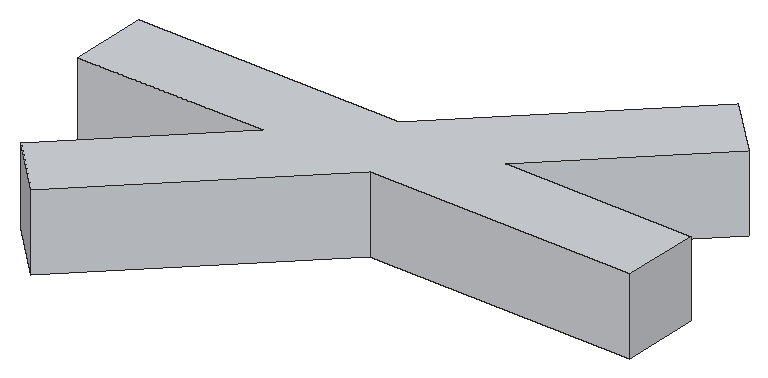
Revit family "DuctFitting_Rectangle_Cross", category Duct Fittings, Revit 2023
Family settings
  Round Connector Dimension = Use Diameter
  Part Type = Cross
  Work Plane-Based = No
  Always vertical = Yes
  Cut with Voids When Loaded = No
  Shared = No
Parameters
  Width [instance] = 350 mm
  Branch pipe length 2 [instance] = 1300 mm
  Branch pipe length 1 [instance] = 1300 mm
  Intersection to the leftside [instance] = 1273.26 mm
  Intersection to the rightside [instance] = 1273.26 mm
  Height [instance] = 350 mm
  Default Elevation = 0 mm
  Angle 2 [instance] = Angle  # 45.00°
  Angle [instance] = 45.00°
Reference planes
  plane 1 "Center (Front/Back)": y = 0
  plane 2: z = 0
  plane 3 "Center (Left/Right)": x = 0
Forms (mm)
  Sweep 1, solid
    path origin (0, 0, 0) x (1, 0, 0) y (0, 1, 0)
      loop
        line (1273.26, 0) -> (0, 0) -> (-1273.26, 0)
    profile origin (-636.63, 0, 0) x (0, -1, 0) y (0, 0, 1)
      loop
        line (175, -175) -> (175, 175) -> (-175, 175) -> (-175, -175) -> (175, -175)
  Sweep 2, solid
    path origin (0, 0, 0) x (1, 0, 0) y (0, 1, 0)
      loop
        line (-919.239, -919.239) -> (0, 0) -> (919.239, 919.239)
    profile origin (459.619, 459.619, 0) x (-0.707107, 0.707107, 0) y (0, 0, 1)
      loop
        line (175, -175) -> (175, 175) -> (-175, 175) -> (-175, -175) -> (175, -175)
Cuts and joins
  joined: Sweep 1, Sweep 2
Dimensions and locks
  equal spacing: Sweep 1 sketch curve, profile plane, Sweep 1 sketch curve  (x2)
  "Height": Sweep 1 sketch curve to Sweep 1 sketch curve
  "Width": Sweep 1 sketch curve to Sweep 1 sketch curve
  equal spacing: Sweep 2 sketch curve, profile plane, Sweep 2 sketch curve  (x2)
  "Height": Sweep 2 sketch curve to Sweep 2 sketch curve
  "Width": Sweep 2 sketch curve to Sweep 2 sketch curve
  "Intersection to the leftside": Sweep 1 sketch curve to Sweep 1 sketch curve
  "Intersection to the rightside": Sweep 1 sketch curve to Sweep 1 sketch curve
  "Branch pipe length 1": Sweep 2 sketch curve to Sweep 2 sketch curve
  "Branch pipe length 2": Sweep 2 sketch curve to Sweep 2 sketch curve
  "Angle 2": angle plane 1 "Center (Front/Back)" to Sweep 2 sketch curve
  "Angle": angle plane 1 "Center (Front/Back)" to Sweep 2 sketch curve
  aligned and locked: level to plane 2
Automatic sketch dimensions
  plane 1 "Center (Front/Back)" to Sweep 1 sketch curve = 0 mm
  Sweep 1 sketch curve to plane 3 "Center (Left/Right)" = 0 mm
  plane 1 "Center (Front/Back)" to Sweep 2 sketch curve = 0 mm
  Sweep 2 sketch curve to plane 3 "Center (Left/Right)" = 0 mm
Connectors
  hvac at (-1273.26, 0, 0)
    settings: on cut or joined group of Sweep 1, Sweep 2, index 1, duct flow 0.0 L/s, flow factor 0, pres drop 0.0 Pa, loss coef 0, conn angle 0.00°, conn width 304.8 mm, conn height 304.8 mm, conn diameter 609.6 mm, duct sys type 3, conn prof type 1, flow config 0, flow direction 0, loss method 0, conn ref index -1, conn util no, is conn primary yes, conn desc ""
  hvac at (1273.26, 0, 0)
    settings: on cut or joined group of Sweep 1, Sweep 2, index 2, duct flow 0.0 L/s, flow factor 0, pres drop 0.0 Pa, loss coef 0, conn angle 0.00°, conn width 304.8 mm, conn height 304.8 mm, conn diameter 609.6 mm, duct sys type 3, conn prof type 1, flow config 0, flow direction 0, loss method 0, conn ref index -1, conn util no, is conn primary no, conn desc ""
  hvac at (919.239, 919.239, 0)
    settings: on cut or joined group of Sweep 1, Sweep 2, index 3, duct flow 0.0 L/s, flow factor 0, pres drop 0.0 Pa, loss coef 0, conn angle 0.00°, conn width 304.8 mm, conn height 304.8 mm, conn diameter 609.6 mm, duct sys type 3, conn prof type 1, flow config 0, flow direction 0, loss method 0, conn ref index -1, conn util no, is conn primary no, conn desc ""
  hvac at (-919.239, -919.239, 0)
    settings: on cut or joined group of Sweep 1, Sweep 2, index 4, duct flow 0.0 L/s, flow factor 0, pres drop 0.0 Pa, loss coef 0, conn angle 0.00°, conn width 304.8 mm, conn height 304.8 mm, conn diameter 609.6 mm, duct sys type 3, conn prof type 1, flow config 0, flow direction 0, loss method 0, conn ref index -1, conn util no, is conn primary no, conn desc ""
